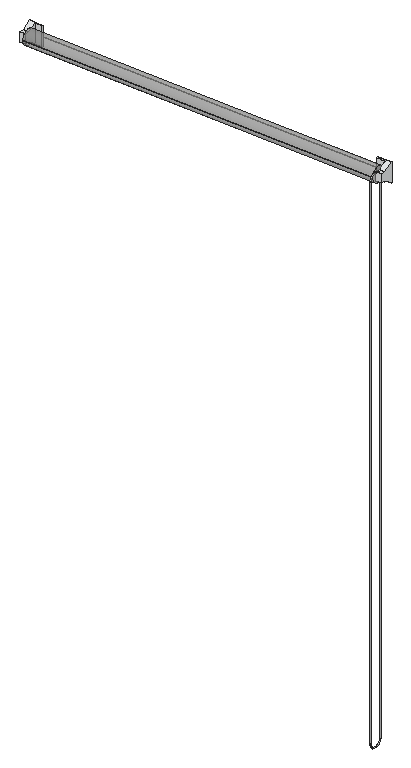
Revit family "Window_Shade-Draper_Inc.-Clutch_Flexshade", category Specialty Equipment, Revit 2012
Parameters (values of type "NOT A TYPE - LOAD TYPE CATALOG")
  Width = B1  # 0' - 3 7/16"
  URL = "http://www.DraperInc.com"
  Square Fascia = no
  Shade Material = Fabric - Draper - Green Screen Revive 5%
  Right Bead Chain [instance] = yes
  Raised [instance] = not(Lowered)  # yes
  Radius Fascia = no
  Product Page URL = "http://www.draperinc.com/WindowShades/shadeProducts.asp?detail=12"
  Product Name = "Bead Chain Clutch Operating System"  # constant formula
  Product Documentation Link = "http://www.draperinc.com/filedownload.asp?pathname=WindowShades/submittals&filename=FlexShadeCL_Sub.pdf"
  Overall Height = 6' - 0"
  Notes = "Maximum size 144” x 144”. Other sizes available. Contact Draper for details."  # constant formula
  Not BO = not(Brackets Only)  # no
  Model = "Bead Chain Clutch Operating System"  # constant formula
  Material = ""
  Manufacturer Contact = "1-800-238-7999"  # constant formula
  Manufacturer = "Draper Inc."  # constant formula
  Lowered [instance] = no
  Length = 4' - 0"
  Left Bead Chain [instance] = no
  Head Box = no
  Description = "Bead Chain Clutch Window Shade"  # constant formula
  Depth = A1  # 0' - 3 15/16"
  Case Material = Paint - Draper - White
  C Length = if(Length < 0' 6", 0' 6", Length)  # 4' - 0"
  Brackets Only = yes
  A2 = 0' - 2 1/2"
  B2 = 0' - 1 5/8"
  C2 = 0' - 0 3/4"
  A1 = 0' - 3 15/16"
  B1 = 0' - 3 7/16"
  C1 = 0' - 1 3/16"
  D1 = 0' - 0 5/8"
  E1 = 0' - 0 1/16"
Reference planes (in)
  plane 1 "Center (Front/Back)": y = 0
  plane 2 "B/ Case": z = 0
  plane 3 "Center (Left/Right)": x = 0
  plane 4 "Front": y = -3.9375
  plane 5 "Left": x = -24
  plane 6 "Right": x = 24
  plane 7 "Bottom": z = -72
  plane 8: x = -23.9375
  plane 9: x = 23.9375
  plane 10: z = -71.4775
  plane 11: x = -23.1875
  plane 12: x = 23.1875
  plane 13 "Top": z = 3.4375
  plane 14: y = -1.1875
  plane 15 "Chain": x = 23.4375
  plane 16: z = -66
  plane 17: x = -23.4375
Forms (in)
  Extrusion 1, solid, material "Fabric - Draper - Green Screen Revive 5%" <- "Shade Material", visible <- "Lowered"
    sketch origin (0, 0, 0) x (0, 1, 0) y (0, 0, 1)
      loop
        spline (-0.62504, -72) -> (-0.61311, -71.9726) -> (-0.6027, -71.93679) -> (-0.59419, -71.89386) -> (-0.58788, -71.84536) -> (-0.584, -71.79303) -> (-0.58269, -71.73875) -> (-0.584, -71.68447) -> (-0.58788, -71.63214) -> (-0.59419, -71.58364) -> (-0.6027, -71.54072) -> (-0.61311, -71.50491) -> (-0.62504, -71.4775)
        line (-0.62504, -71.4775) -> (-0.68598, -71.4775)
        spline (-0.68598, -71.4775) -> (-0.69791, -71.50491) -> (-0.70832, -71.54072) -> (-0.71683, -71.58364) -> (-0.72314, -71.63214) -> (-0.72702, -71.68447) -> (-0.72833, -71.73875) -> (-0.72702, -71.79303) -> (-0.72314, -71.84536) -> (-0.71683, -71.89386) -> (-0.70832, -71.93679) -> (-0.69791, -71.9726) -> (-0.68598, -72)
        line (-0.68598, -72) -> (-0.62504, -72)
    from -23.1875 to 23.1875
  Sweep 2, solid, material "Fabric - Draper - Green Screen Revive 5%" <- "Shade Material", visible <- "Lowered"
    path origin (0, 0, 0) x (0, 1, 0) y (0, 0, 1)
      loop
        line (-0.65551, 1.5625) -> (-0.65551, -71.4775)
    profile origin (0, -0.65551, -71.4775) x (1, 0, 0) y (0, 1, 0)
      loop
        line (-23.1875, 0.03125) -> (-23.1875, -0.03125) -> (23.1875, -0.03125) -> (23.1875, 0.03125) -> (-23.1875, 0.03125)
  Sweep 3, solid, material "Metal - Draper - Chain", visible <- "Right Bead Chain", detail levels medium+fine
    path origin (23.4375, 0, 0) x (0, -1, 0) y (0, 0, 1)
      loop
        line (2.03125, 2.36145) -> (1.90625, 2.36145)
        arc (1.90625, 2.36145) -> (1.37592, 2.14178) -> (1.15625, 1.61145) r 0.75
        line (1.15625, 1.61145) -> (1.15625, -65.25)
        arc (1.15625, -65.25) -> (1.37592, -65.78033) -> (1.90625, -66) r 0.75
        line (1.90625, -66) -> (2.03125, -66)
        arc (2.03125, -66) -> (2.56158, -65.78033) -> (2.78125, -65.25) r 0.75
        line (2.78125, -65.25) -> (2.78125, 1.61145)
        arc (2.78125, 1.61145) -> (2.56158, 2.14178) -> (2.03125, 2.36145) r 0.75
    profile origin (23.4375, -2.78125, -31.81928) x (0, 1, 0) y (-1, 0, 0)
      loop
        circle (0, 0) r 0.03125
  Sweep 4, solid, material "Metal - Draper - Chain", visible <- "Left Bead Chain", detail levels medium+fine
    path origin (-23.4375, -60, 48) x (0, -1, 0) y (0, 0, 1)
      loop
        line (-57.96875, -45.63855) -> (-58.09375, -45.63855)
        arc (-58.09375, -45.63855) -> (-58.62408, -45.85822) -> (-58.84375, -46.38855) r 0.75
        line (-58.84375, -46.38855) -> (-58.84375, -113.25)
        arc (-58.84375, -113.25) -> (-58.62408, -113.78033) -> (-58.09375, -114) r 0.75
        line (-58.09375, -114) -> (-57.96875, -114)
        arc (-57.96875, -114) -> (-57.43842, -113.78033) -> (-57.21875, -113.25) r 0.75
        line (-57.21875, -113.25) -> (-57.21875, -46.38855)
        arc (-57.21875, -46.38855) -> (-57.43842, -45.85822) -> (-57.96875, -45.63855) r 0.75
    profile origin (-23.4375, -2.78125, -31.81928) x (0, 1, 0) y (-1, 0, 0)
      loop
        circle (0, 0) r 0.03125
Lines and regions (in)
  Masking region 1, visible <- "Not BO"
    outline origin (0, 0, 0) x (1, 0, 0) y (0, 1, 0)
      loop
        line (-24, 0) -> (-24, -3.9375) -> (24, -3.9375) -> (24, 0) -> (-24, 0)
  Masking region 2, visible <- "Not BO"
    outline origin (0, 0, 0) x (1, 0, 0) y (0, 1, 0)
      loop
        line (24, -3.9375) -> (24, 0) -> (23.9375, 0) -> (23.9375, -3.9375) -> (24, -3.9375)
  Masking region 3, visible <- "Not BO"
    outline origin (-98.4375, 0, 0) x (1, 0, 0) y (0, 1, 0)
      loop
        line (74.5, -3.9375) -> (74.5, 0) -> (74.4375, 0) -> (74.4375, -3.9375) -> (74.5, -3.9375)
  Masking region 4, visible <- "Brackets Only"
    outline origin (0, 0, 0) x (1, 0, 0) y (0, 1, 0)
      loop
        line (-24, 0) -> (-24, -1.625) -> (-23.25, -1.625) -> (-23.25, -0.1875) -> (-22.25, -0.1875) -> (-22.25, 0) -> (-24, 0)
  Masking region 5, visible <- "Brackets Only"
    outline origin (0, 0, 0) x (0, 1, 0) y (-1, 0, 0)
      loop
        line (0, -24) -> (0, -22.25) -> (-0.1875, -22.25) -> (-0.1875, -23.25) -> (-1.625, -23.25) -> (-1.625, -24) -> (0, -24)
  Masking region 6, visible <- "Brackets Only"
    outline origin (0, 0, 0) x (1, 0, 0) y (0, 1, 0)
      loop
        line (23.25, -2.125) -> (23.25, -0.1875) -> (-23.25, -0.1875) -> (-23.25, -2.125) -> (23.25, -2.125)
  symbolic lines, detail levels medium+fine
    curve 1: line (23.92951, -0.06265, 0) -> (23.9375, -0.06265, 0)
    curve 2: line (23.92951, -0.06265, 0) -> (23.92951, -2.92689, 0)
    curve 3: line (23.92951, -2.92689, 0) -> (23.9375, -2.92689, 0)
    curve 6: line (24, -3.8125, 0) -> (-24, -3.8125, 0)
  symbolic lines, detail levels fine
    curve 4: circle (-23.75419, 0, 2.79999) r 0.0625 normal (0, -1, 0)
    curve 5: circle (23.75419, 0, 2.79999) r 0.0625 normal (0, 1, 0)
Dimensions and locks (in)
  plane 1 "Center (Front/Back)" to plane 4 "Front" = 0' - 3 15/16"
  "E1": plane 5 "Left" to plane 8
  "E1": plane 9 to plane 6 "Right"
  locked: plane 10 to plane 7 "Bottom" at 0.5225
  locked: plane 5 "Left" to plane 11 at 0.8125
  locked: plane 12 to plane 6 "Right" at 0.8125
  Sweep 2 sketch curve to profile plane to Sweep 2 sketch curve = 0' - 0 1/32" locked, 0' - 0 1/32" locked
  plane 13 "Top" to Sweep 2 sketch curve = 0' - 1 7/8"
  "Depth": plane 1 "Center (Front/Back)" to plane 4 "Front"
  "Overall Height": plane 7 "Bottom" to level
  equal spacing: plane 5 "Left", plane 3 "Center (Left/Right)", plane 6 "Right"
  "C Length": plane 5 "Left" to plane 6 "Right"
  locked: plane 10 to Sweep 2 sketch curve at 0
  locked: plane 1 "Center (Front/Back)" to Sweep 2 sketch curve at 0.65551
  locked: plane 13 "Top" to curve 4 at 0.63751
  locked: plane 5 "Left" to curve 4 at 0.24581
  locked: curve 5 to plane 6 "Right" at 0.24581
  locked: plane 13 "Top" to curve 5 at 0.63751
  "Width": plane 13 "Top" to plane 2 "B/ Case"
  "C1": plane 1 "Center (Front/Back)" to plane 14
  plane 1 "Center (Front/Back)" to Extrusion 1 sketch curve to Extrusion 1 sketch curve to Extrusion 1 sketch curve to Extrusion 1 sketch curve = 0' - 0.58269" locked, 0' - 0.04235" locked, 0' - 0.06093" locked, 0' - 0.04235" locked
  plane 1 "Center (Front/Back)" to Extrusion 1 sketch curve to Extrusion 1 sketch curve = 0' - 0.62504" locked, 0' - 0.06093" locked
  plane 15 "Chain" to plane 6 "Right" = 0' - 0 9/16"
  Sweep 3 sketch curve to Sweep 3 sketch curve to plane 1 "Center (Front/Back)" = 0' - 1 5/8" locked, 0' - 1 5/32" locked
  locked: plane 13 "Top" to Sweep 3 sketch curve at 1.07605
  locked: plane 13 "Top" to Sweep 3 sketch curve at 1.82605  (x2)
  locked: Sweep 3 sketch curve to plane 16 at 0.75  (x2)
  locked: plane 16 to plane 7 "Bottom" at 6
  equal spacing: plane 13 "Top", nested 1, plane 2 "B/ Case"
  locked: Masking region 4 sketch curve to plane 1 "Center (Front/Back)" at 1.625
  plane 5 "Left" to Masking region 4 sketch curve = 0' - 0 3/4"
  locked: plane 5 "Left" to Masking region 4 sketch curve at 1.75
  locked: Masking region 4 sketch curve to plane 1 "Center (Front/Back)" at 0.1875
  locked: Masking region 5 sketch curve to plane 1 "Center (Front/Back)" at 1.625
  locked: Masking region 5 sketch curve to plane 6 "Right" at 1.75
  locked: Masking region 5 sketch curve to plane 6 "Right" at 0.75
  Masking region 6 sketch curve to Masking region 6 sketch curve to plane 1 "Center (Front/Back)" = 0' - 1 15/16" locked, 0' - 0 3/16" locked
  locked: plane 5 "Left" to Masking region 6 sketch curve at 0.75
  locked: Masking region 6 sketch curve to plane 6 "Right" at 0.75
  locked: plane 5 "Left" to plane 17 at 0.5625
  Sweep 4 sketch curve to Sweep 4 sketch curve to plane 1 "Center (Front/Back)" = 0' - 1 5/8" locked, 0' - 1 5/32" locked
  locked: plane 13 "Top" to Sweep 4 sketch curve at 1.07605
  locked: plane 13 "Top" to Sweep 4 sketch curve at 1.82605  (x2)
  locked: Sweep 4 sketch curve to plane 16 at 0.75  (x2)
  aligned and locked: level to plane 2 "B/ Case"
  aligned and locked: plane 11 to Sweep 2 sketch curve
  aligned and locked: Sweep 2 sketch curve to plane 12
  aligned and locked: plane 4 "Front" to Masking region 2 sketch curve
  aligned and locked: plane 1 "Center (Front/Back)" to Masking region 3 sketch curve
  aligned and locked: plane 8 to Masking region 3 sketch curve
  aligned and locked: Masking region 3 sketch curve to plane 5 "Left"
  aligned and locked: plane 4 "Front" to Masking region 3 sketch curve
  aligned and locked: plane 9 to curve 1
  aligned and locked: plane 9 to curve 3
  aligned and locked: Extrusion 1 sketch curve to plane 7 "Bottom"
  aligned and locked: Extrusion 1 sketch curve to plane 10
  aligned and locked: plane 11 to Extrusion 1
  aligned and locked: Extrusion 1 to plane 12
  aligned and locked: plane 1 "Center (Front/Back)" to Masking region 1 sketch curve
  aligned and locked: Masking region 1 sketch curve to plane 5 "Left"
  aligned and locked: Masking region 1 sketch curve to plane 4 "Front"
  aligned and locked: Masking region 1 sketch curve to plane 6 "Right"
  aligned and locked: plane 6 "Right" to curve 6
  aligned and locked: plane 5 "Left" to curve 6
  aligned and locked: plane 16 to Sweep 3 sketch curve
  aligned and locked: Sweep 3 sketch curve to plane 15 "Chain"  (x3)
  aligned and locked: Sweep 3 sketch curve to Sweep 3 sketch curve  (x3)
  aligned and locked: plane 3 "Center (Left/Right)" to nested 1
  aligned and locked: plane 3 "Center (Left/Right)" to nested 2
  aligned and locked: plane 3 "Center (Left/Right)" to nested 3
  aligned and locked: plane 3 "Center (Left/Right)" to nested 4
  aligned and locked: plane 13 "Top" to nested 4
  aligned and locked: plane 13 "Top" to nested 2
  aligned and locked: plane 13 "Top" to nested 3
  aligned and locked: plane 1 "Center (Front/Back)" to nested 3
  aligned and locked: plane 1 "Center (Front/Back)" to nested 2
  aligned and locked: plane 1 "Center (Front/Back)" to nested 1
  aligned and locked: plane 1 "Center (Front/Back)" to nested 4
  aligned and locked: Masking region 4 sketch curve to nested 1  (x2)
  aligned and locked: Masking region 5 sketch curve to plane 6 "Right"
  aligned and locked: Masking region 5 sketch curve to plane 1 "Center (Front/Back)"
  aligned and locked: Sweep 4 sketch curve to Sweep 4 sketch curve  (x3)
  aligned and locked: Sweep 4 sketch curve to plane 16
Automatic sketch dimensions
  curve 2 to curve 1 = 0' - 0.00799"
  plane 4 "Front" to curve 6 = 0' - 0 1/8"
  curve 6 to curve 2 = 0' - 0.88561"
  plane 1 "Center (Front/Back)" to curve 2 = 0' - 0.06265"
  Extrusion 1 sketch curve to Extrusion 1 sketch curve = 0' - 0.03047"
  Extrusion 1 sketch curve to Extrusion 1 sketch curve = 0' - 0"
  Masking region 2 sketch curve to plane 9 = 0' - 0"
  plane 1 "Center (Front/Back)" to Masking region 2 sketch curve = 0' - 0"
  Masking region 2 sketch curve to plane 6 "Right" = 0' - 0"
  Sweep 3 sketch curve to plane 15 "Chain" = 0' - 0"
  profile plane to Sweep 3 sketch curve = 0' - 0"
  Masking region 5 sketch curve to Masking region 5 sketch curve = 0' - 0 3/16"
  Sweep 4 sketch curve to profile plane = 0' - 0"  (x2)
  radius of curve 4 = 0' - 0 1/16"
  radius of curve 5 = 0' - 0 1/16"
  radius of Sweep 3 sketch curve = 0' - 0 1/32"
  radius of Sweep 4 sketch curve = 0' - 0 1/32"
Nested families (in)
  nested 1: "Brackets Only - Clutch" at (0, 0, -0.59375), visible <- "Brackets Only", type "Large"
    with Raised yes
  nested 2: "Square Fascia - Clutch" at (0, 0, 0), visible <- "Square Fascia", type "Large"
    with Raised yes
  nested 3: "Radius Fascia - Clutch" at (0, 0, 0), visible <- "Radius Fascia", type "Large"
    with Raised yes
  nested 4: "Head Box - Clutch" at (0, 0, 0), visible <- "Head Box", type "Large"
    with Raised yes, Lowered no
Definition of nested family "Brackets Only - Clutch"
  Parameters (values of type "Large")
    URL = "http://www.DraperInc.com"
    Shade Material = Fabric - Draper - Green Screen Revive 5%
    Raised [instance] = yes
    Product Page URL = ""
    Product Name = ""
    Product Documentation Link = ""
    Model = ""
    Manufacturer Contact = "1-800-238-7999"  # constant formula
    Manufacturer = "Draper Inc."  # constant formula
    Length = 4' - 0"
    Fascia Material = Paint - Draper - White
    Description = ""
    CB2 = if(B2 < 0' 1 5/8", 0' 1 5/8", if(B2 > 0' 2 1/4", 0' 2 1/4", B2))  # 0' - 1 5/8"
    CA2 = if(A2 < 0' 2 1/2", 0' 2 1/2", if(A2 > 0' 3 1/4", 0' 3 1/4", A2))  # 0' - 2 1/2"
    A2 = 0' - 2 1/2"
    B2 = 0' - 1 5/8"
    C2 = 0' - 0 3/4"  # constant formula
  Reference planes (in)
    plane 1 "Center (Front/Back)": y = 0
    plane 2: z = 0
    plane 3 "Center (Left/Right)": x = 0
    plane 4 "Front": y = -4.6875
    plane 5: x = -24
    plane 6: x = 24
    plane 7 "Top": z = 4.625
    plane 8: y = -1.625
    plane 9: z = 2.3125
    plane 10: z = 3.5625
    plane 11: z = 1.0625
    plane 12: x = 23.25
    plane 13: x = -23.25
  Forms (in)
    Extrusion 1, solid, material "Paint - Draper - White" <- "Fascia Material"
      sketch origin (0, 0, 0) x (0, 1, 0) y (0, 0, 1)
        loop
          line (0, 3.5625) -> (-1.0625, 2.875) -> (-1.625, 2.875) -> (-1.625, 1.75) -> (-1.0625, 1.75) -> (0, 1.0625) -> (0, 3.5625)
      from -24 to -23.25
    Extrusion 2, solid, material "Paint - Draper - White" <- "Fascia Material"
      sketch origin (0, 0, 0) x (0, 1, 0) y (0, 0, 1)
        loop
          line (0, 3.5625) -> (-1.0625, 2.875) -> (-1.625, 2.875) -> (-1.625, 1.75) -> (-1.0625, 1.75) -> (0, 1.0625) -> (0, 3.5625)
      from 23.25 to 24
    Extrusion 3, solid, material "Fabric - Draper - Green Screen Revive 5%" <- "Shade Material"
      sketch origin (0, 0, 0) x (0, 1, 0) y (0, 0, 1)
        loop
          circle (-1.125, 2.3125) r 1
      from -23.25 to 23.25
    Extrusion 4, solid, material "Paint - Draper - White" <- "Fascia Material"
      sketch origin (0, 0, 0) x (1, 0, 0) y (0, 1, 0)
        loop
          line (-23.25, 0) -> (-23.25, -0.1875) -> (-22.25, -0.1875) -> (-22.25, 0) -> (-23.25, 0)
      from 1.0625 to 3.5625
    Extrusion 5, solid, material "Paint - Draper - White" <- "Fascia Material"
      sketch origin (4.5, 0, 0) x (1, 0, 0) y (0, 1, 0)
        loop
          line (17.75, 0) -> (17.75, -0.1875) -> (18.75, -0.1875) -> (18.75, 0) -> (17.75, 0)
      from 1.0625 to 3.5625
  Lines and regions (in)
    symbolic lines, detail levels medium+fine
      curve 1: line (24.71076, -0.06265, 0) -> (24.71875, -0.06265, 0)
      curve 2: line (24.71076, -3.67689, 0) -> (24.71875, -3.67689, 0)
  Dimensions and locks (in)
    plane 1 "Center (Front/Back)" to plane 4 "Front" = 0' - 4 11/16"  (x2)
    plane 7 "Top" to plane 2 = 0' - 4 5/8"
    equal spacing: plane 7 "Top", plane 9, plane 2
    equal spacing: plane 10, plane 9, plane 11
    "CA2": plane 10 to plane 11
    "CB2": plane 1 "Center (Front/Back)" to plane 8
    equal spacing: Extrusion 1 sketch curve, plane 9, Extrusion 1 sketch curve
    locked: plane 10 to Extrusion 1 sketch curve at 0
    locked: plane 11 to Extrusion 1 sketch curve at 0
    "C2": plane 5 to plane 13
    "C2": plane 12 to plane 6
    Extrusion 2 sketch curve to Extrusion 2 sketch curve = 0' - 1 1/8"
    locked: Extrusion 3 sketch curve to plane 8 at 0.5
    locked: plane 9 to Extrusion 3 sketch curve at 0
    Extrusion 3 sketch curve to plane 9 = 0' - 1"
    locked: plane 13 to Extrusion 4 sketch curve at 1
    Extrusion 4 sketch curve to plane 1 "Center (Front/Back)" = 0' - 0 3/16"
    locked: Extrusion 5 to plane 12 at 1
    locked: Extrusion 5 to plane 1 "Center (Front/Back)" at 0.1875
    equal spacing: plane 5, plane 3 "Center (Left/Right)", plane 6
    "Length": plane 5 to plane 6
    aligned and locked: level to plane 2
    aligned and locked: plane 1 "Center (Front/Back)" to Extrusion 1 sketch curve
    aligned and locked: plane 5 to Extrusion 1
    aligned and locked: Extrusion 1 to plane 13
    aligned and locked: Extrusion 2 to plane 6
    aligned and locked: plane 12 to Extrusion 2
    aligned and locked: Extrusion 3 to plane 12
    aligned and locked: plane 13 to Extrusion 3
    aligned and locked: plane 1 "Center (Front/Back)" to Extrusion 4 sketch curve
    aligned and locked: plane 10 to Extrusion 4
    aligned and locked: Extrusion 4 to plane 11
    aligned and locked: Extrusion 5 to plane 12
    aligned and locked: plane 10 to Extrusion 5
    aligned and locked: Extrusion 5 to plane 11
  Automatic sketch dimensions
    Extrusion 1 sketch curve to plane 8 = 0' - 0"
    plane 1 "Center (Front/Back)" to Extrusion 1 sketch curve = 0' - 1 1/16"  (x2)
    Extrusion 1 sketch curve to plane 9 = 0' - 0 9/16"
    Extrusion 2 sketch curve to plane 8 = 0' - 0"
    Extrusion 2 sketch curve to plane 1 "Center (Front/Back)" = 0' - 0"
    Extrusion 2 sketch curve to plane 11 = 0' - 0"
    Extrusion 2 sketch curve to plane 10 = 0' - 0"
    plane 1 "Center (Front/Back)" to Extrusion 2 sketch curve = 0' - 1 1/16"  (x2)
    Extrusion 2 sketch curve to plane 9 = 0' - 0 9/16"
    plane 9 to Extrusion 2 sketch curve = 0' - 0 9/16"
    Extrusion 4 sketch curve to plane 13 = 0' - 0"
    plane 1 "Center (Front/Back)" to Extrusion 5 sketch curve = 0' - 0"
    plane 1 "Center (Front/Back)" to Extrusion 5 sketch curve = 0' - 0 3/16"
    Extrusion 5 sketch curve to plane 13 = 3' - 9 1/2"
    Extrusion 5 sketch curve to Extrusion 5 sketch curve = 0' - 1"
    curve 2 to curve 2 = 0' - 0.00799"
    curve 1 to curve 1 = 0' - 0.00799"
    plane 4 "Front" to curve 2 = 0' - 1.01061"
    plane 1 "Center (Front/Back)" to curve 1 = 0' - 0.06265"
    curve 2 to plane 6 = 0' - 0.71076"
    curve 1 to plane 6 = 0' - 0.71076"
Definition of nested family "Square Fascia - Clutch"
  Parameters (values of type "Large")
    Width = B1  # 0' - 3 7/16"
    URL = "http://www.DraperInc.com"
    Shade Material = Fabric - Draper - Green Screen Revive 5%
    Raised [instance] = yes
    Product Page URL = ""
    Product Name = ""
    Product Documentation Link = ""
    Model = ""
    Manufacturer Contact = "1-800-238-7999"  # constant formula
    Manufacturer = "Draper Inc."  # constant formula
    Length = 4' - 0"
    Fascia Material = Paint - Draper - White
    Description = ""
    Depth = A1  # 0' - 3 15/16"
    A1 = 0' - 3 15/16"
    B1 = 0' - 3 7/16"
    C1 = 0' - 1 3/16"
    D1 = 0' - 0 5/8"
    E1 = 0' - 0 1/16"
  Reference planes (in)
    plane 1 "Center (Front/Back)": y = 0
    plane 2: z = 0
    plane 3 "Center (Left/Right)": x = 0
    plane 4 "Front": y = -3.9375
    plane 5 "Left": x = -24
    plane 6 "Right": x = 24
    plane 7: x = -23.9375
    plane 8: x = 23.9375
    plane 9: x = -23.1875
    plane 10: x = 23.1875
    plane 11 "Top": z = 3.4375
    plane 12: y = -1.1875
  Forms (in)
    Extrusion 1, solid, material "Paint - Draper - White" <- "Fascia Material"
      sketch origin (0, 0, 0) x (0, 1, 0) y (0, 0, 1)
        loop
          line (-3.8125, 3.4375) -> (-3.9375, 3.4375) -> (-3.9375, 0) -> (-1.40928, 0) -> (-1.40928, 0.125) -> (-3.8125, 0.125) -> (-3.8125, 3.4375)
      from -23.9375 to 23.92951
    Extrusion 2, solid, material "Paint - Draper - White" <- "Fascia Material"
      sketch origin (0, 0, 0) x (0, 1, 0) y (0, 0, 1)
        loop
          line (-3.9375, 3.4375) -> (-3.9375, 0) -> (0, 0) -> (0, 3.4375) -> (-3.9375, 3.4375)
      from 23.9375 to 24
    Extrusion 3, solid, material "Paint - Draper - White" <- "Fascia Material"
      sketch origin (0, 0, 0) x (0, 1, 0) y (0, 0, 1)
        loop
          line (0, 3.4375) -> (-3.9375, 3.4375) -> (-3.9375, 0) -> (0, 0) -> (0, 3.4375)
      from -24 to -23.9375
    Extrusion 4, solid
      sketch origin (0, 0, 0) x (0, 1, 0) y (0, 0, 1)
        loop
          circle (-1.75, 1.71875) r 1.5
      from -23.1875 to 23.1875
  Lines and regions (in)
    Masking region 1
      outline origin (0, 0, 0) x (1, 0, 0) y (0, 1, 0)
        loop
          line (-24, 0) -> (-24, -3.9375) -> (24, -3.9375) -> (24, 0) -> (-24, 0)
    Masking region 2
      outline origin (0, 0, 0) x (1, 0, 0) y (0, 1, 0)
        loop
          line (24, -3.9375) -> (24, 0) -> (23.9375, 0) -> (23.9375, -3.9375) -> (24, -3.9375)
    Masking region 3
      outline origin (-98.4375, 0, 0) x (1, 0, 0) y (0, 1, 0)
        loop
          line (74.5, -3.9375) -> (74.5, 0) -> (74.4375, 0) -> (74.4375, -3.9375) -> (74.5, -3.9375)
    Masking region 4
      outline origin (0, 0, 0) x (0, 1, 0) y (0, 0, 1)
        loop
          line (0, 3.4375) -> (-3.9375, 3.4375) -> (-3.9375, 0) -> (0, 0) -> (0, 3.4375)
    symbolic lines, detail levels medium+fine
      curve 1: line (23.92951, -0.06265, 0) -> (23.9375, -0.06265, 0)
      curve 2: line (23.92951, -0.06265, 0) -> (23.92951, -2.92689, 0)
      curve 3: line (23.92951, -2.92689, 0) -> (23.9375, -2.92689, 0)
      curve 6: line (24, -3.8125, 0) -> (-24, -3.8125, 0)
    symbolic lines, detail levels fine
      curve 4: circle (-23.75419, 0, 2.79999) r 0.0625 normal (0, -1, 0)
      curve 5: circle (23.75419, 0, 2.79999) r 0.0625 normal (0, 1, 0)
      curve 7: line (-23.9375, -0.49703, 0) -> (23.1875, -0.49703, 0)
      curve 8: line (-23.9375, -1.40928, 0) -> (-23.9375, -0.49703, 0)
      curve 9: line (23.1875, -1.40928, 0) -> (-23.9375, -1.40928, 0)
      curve 10: line (23.1875, -0.49703, 0) -> (23.1875, -1.40928, 0)
  Dimensions and locks (in)
    plane 1 "Center (Front/Back)" to plane 4 "Front" = 0' - 3 15/16"
    "E1": plane 5 "Left" to plane 7
    "E1": plane 8 to plane 6 "Right"
    locked: plane 5 "Left" to plane 9 at 0.8125
    locked: plane 10 to plane 6 "Right" at 0.8125
    "Depth": plane 1 "Center (Front/Back)" to plane 4 "Front"
    equal spacing: plane 5 "Left", plane 3 "Center (Left/Right)", plane 6 "Right"
    "Length": plane 5 "Left" to plane 6 "Right"
    plane 5 "Left" to Extrusion 1 = 0' - 0 1/16"
    locked: Extrusion 1 to plane 6 "Right" at 0.07049
    locked: plane 11 "Top" to curve 4 at 0.63751
    locked: plane 5 "Left" to curve 4 at 0.24581
    locked: curve 5 to plane 6 "Right" at 0.24581
    locked: plane 11 "Top" to curve 5 at 0.63751
    "Width": plane 11 "Top" to plane 2
    locked: Extrusion 1 sketch curve to plane 4 "Front" at 0.125
    locked: Extrusion 1 sketch curve to plane 2 at 0.125
    "C1": plane 1 "Center (Front/Back)" to plane 12
    locked: Extrusion 1 to plane 4 "Front" at 0.125
    equal spacing: plane 11 "Top", Extrusion 4 sketch curve, plane 2
    plane 1 "Center (Front/Back)" to Extrusion 4 sketch curve = 0' - 1 3/4"
    aligned and locked: level to plane 2
    aligned and locked: Extrusion 2 to plane 6 "Right"
    aligned and locked: plane 8 to Extrusion 2
    aligned and locked: plane 5 "Left" to Extrusion 3
    aligned and locked: Extrusion 3 to plane 7
    aligned and locked: Masking region 2 sketch curve to Extrusion 2  (x2)
    aligned and locked: plane 4 "Front" to Masking region 2 sketch curve
    aligned and locked: plane 1 "Center (Front/Back)" to Masking region 3 sketch curve
    aligned and locked: plane 7 to Masking region 3 sketch curve
    aligned and locked: Masking region 3 sketch curve to plane 5 "Left"
    aligned and locked: plane 4 "Front" to Masking region 3 sketch curve
    aligned and locked: plane 8 to curve 1
    aligned and locked: plane 8 to curve 3
    aligned and locked: plane 11 "Top" to Extrusion 3 sketch curve
    aligned and locked: Extrusion 3 sketch curve to plane 1 "Center (Front/Back)"
    aligned and locked: Extrusion 3 sketch curve to level
    aligned and locked: Extrusion 3 sketch curve to plane 4 "Front"
    aligned and locked: Extrusion 2 to Extrusion 1 sketch curve
    aligned and locked: Extrusion 1 sketch curve to Extrusion 2  (x2)
    aligned and locked: plane 7 to Extrusion 1
    aligned and locked: plane 1 "Center (Front/Back)" to Masking region 1 sketch curve
    aligned and locked: Masking region 1 sketch curve to plane 5 "Left"
    aligned and locked: Masking region 1 sketch curve to plane 4 "Front"
    aligned and locked: Masking region 1 sketch curve to plane 6 "Right"
    aligned and locked: plane 6 "Right" to curve 6
    aligned and locked: plane 5 "Left" to curve 6
    aligned and locked: Masking region 4 sketch curve to Extrusion 1  (x2)
    aligned and locked: Masking region 4 sketch curve to Extrusion 2
    aligned and locked: curve 8 to plane 7
    aligned and locked: plane 10 to curve 10
    aligned and locked: Extrusion 1 to curve 9
    aligned and locked: plane 9 to Extrusion 4
    aligned and locked: Extrusion 4 to plane 10
  Automatic sketch dimensions
    plane 1 "Center (Front/Back)" to Masking region 2 sketch curve = 0' - 0"
    Extrusion 2 sketch curve to level = 0' - 0"
    Extrusion 2 sketch curve to plane 4 "Front" = 0' - 0"
    Extrusion 2 sketch curve to plane 1 "Center (Front/Back)" = 0' - 0"
    Extrusion 2 sketch curve to plane 11 "Top" = 0' - 0"
    plane 1 "Center (Front/Back)" to Extrusion 1 sketch curve = 0' - 1.40928"
    curve 2 to curve 1 = 0' - 0.00799"
    plane 4 "Front" to curve 6 = 0' - 0 1/8"
    curve 6 to curve 2 = 0' - 0.88561"
    plane 1 "Center (Front/Back)" to curve 1 = 0' - 0.06265"
    plane 1 "Center (Front/Back)" to curve 10 = 0' - 0.49703"
    Masking region 4 sketch curve to plane 1 "Center (Front/Back)" = 0' - 0"
    radius of curve 4 = 0' - 0 1/16"
    radius of curve 5 = 0' - 0 1/16"
    radius of Extrusion 4 sketch curve = 0' - 1 1/2"
Definition of nested family "Radius Fascia - Clutch"
  Parameters (values of type "Large")
    Width = B1  # 0' - 3 7/16"
    URL = "http://www.DraperInc.com"
    Shade Material = Fabric - Draper - Green Screen Revive 5%
    Raised [instance] = yes
    Product Page URL = ""
    Product Name = ""
    Product Documentation Link = ""
    Model = ""
    Manufacturer Contact = "1-800-238-7999"  # constant formula
    Manufacturer = "Draper Inc."  # constant formula
    Length = 4' - 0"
    Fascia Material = Paint - Draper - White
    Description = ""
    Depth = A1  # 0' - 3 15/16"
    A1 = 0' - 3 15/16"
    B1 = 0' - 3 7/16"
    C1 = 0' - 1 3/16"
    D1 = 0' - 0 5/8"
    E1 = 0' - 0 1/16"
  Reference planes (in)
    plane 1 "Center (Front/Back)": y = 0
    plane 2: z = 0
    plane 3 "Center (Left/Right)": x = 0
    plane 4 "Front": y = -3.9375
    plane 5 "Left": x = -24
    plane 6 "Right": x = 24
    plane 7: x = -23.9375
    plane 8: x = 23.9375
    plane 9: x = -23.1875
    plane 10: x = 23.1875
    plane 11 "Top": z = 3.4375
    plane 12: y = -1.1875
  Forms (in)
    Extrusion 1, solid, material "Paint - Draper - White" <- "Fascia Material"
      sketch origin (0, 0, 0) x (0, 1, 0) y (0, 0, 1)
        loop
          line (-3.8125, 3.4375) -> (-3.9375, 3.4375) -> (-3.9375, 2)
          arc (-3.9375, 2) -> (-3.35171, 0.58579) -> (-1.9375, 0) r 2
          line (-1.9375, 0) -> (-1.03428, 0) -> (-1.03428, 0.125) -> (-1.94339, 0.125)
          arc (-1.94339, 0.125) -> (-3.26505, 0.67245) -> (-3.8125, 1.99411) r 1.86911
          line (-3.8125, 1.99411) -> (-3.8125, 3.4375)
      from -23.9375 to 23.92951
    Extrusion 2, solid, material "Paint - Draper - White" <- "Fascia Material"
      sketch origin (0, 0, 0) x (0, 1, 0) y (0, 0, 1)
        loop
          line (-3.9375, 3.4375) -> (-3.9375, 2)
          arc (-3.9375, 2) -> (-3.35171, 0.58579) -> (-1.9375, 0) r 2
          line (-1.9375, 0) -> (0, 0) -> (0, 3.4375) -> (-3.9375, 3.4375)
      from 23.9375 to 24
    Extrusion 3, solid, material "Paint - Draper - White" <- "Fascia Material"
      sketch origin (0, 0, 0) x (0, 1, 0) y (0, 0, 1)
        loop
          line (0, 3.4375) -> (-3.9375, 3.4375) -> (-3.9375, 2)
          arc (-3.9375, 2) -> (-3.35171, 0.58579) -> (-1.9375, 0) r 2
          line (-1.9375, 0) -> (0, 0) -> (0, 3.4375)
      from -24 to -23.9375
    Extrusion 4, solid, material "Fabric - Draper - Green Screen Revive 5%" <- "Shade Material"
      sketch origin (0, 0, 0) x (0, 1, 0) y (0, 0, 1)
        loop
          circle (-1.75, 1.71875) r 1.5
      from -23.1875 to 23.1875
  Lines and regions (in)
    Masking region 1
      outline origin (0, 0, 0) x (1, 0, 0) y (0, 1, 0)
        loop
          line (-24, 0) -> (-24, -3.9375) -> (24, -3.9375) -> (24, 0) -> (-24, 0)
    Masking region 2
      outline origin (0, 0, 0) x (1, 0, 0) y (0, 1, 0)
        loop
          line (24, -3.9375) -> (24, 0) -> (23.9375, 0) -> (23.9375, -3.9375) -> (24, -3.9375)
    Masking region 3
      outline origin (-98.4375, 0, 0) x (1, 0, 0) y (0, 1, 0)
        loop
          line (74.5, -3.9375) -> (74.5, 0) -> (74.4375, 0) -> (74.4375, -3.9375) -> (74.5, -3.9375)
    Masking region 4
      outline origin (0, 0, 0) x (0, 1, 0) y (0, 0, 1)
        loop
          line (0, 3.4375) -> (-3.9375, 3.4375) -> (-3.9375, 2)
          arc (-3.9375, 2) -> (-3.35171, 0.58579) -> (-1.9375, 0) r 2
          line (-1.9375, 0) -> (0, 0) -> (0, 3.4375)
    symbolic lines, detail levels medium+fine
      curve 1: line (23.92951, -0.06265, 0) -> (23.9375, -0.06265, 0)
      curve 2: line (23.92951, -0.06265, 0) -> (23.92951, -2.92689, 0)
      curve 3: line (23.92951, -2.92689, 0) -> (23.9375, -2.92689, 0)
      curve 6: line (24, -3.8125, 0) -> (-24, -3.8125, 0)
    symbolic lines, detail levels fine
      curve 4: circle (-23.75419, 0, 2.79999) r 0.0625 normal (0, -1, 0)
      curve 5: circle (23.75419, 0, 2.79999) r 0.0625 normal (0, 1, 0)
      curve 7: line (-23.9375, -0.49703, 0) -> (23.1875, -0.49703, 0)
      curve 8: line (-23.9375, -1.03428, 0) -> (-23.9375, -0.49703, 0)
      curve 9: line (23.1875, -1.03428, 0) -> (-23.9375, -1.03428, 0)
      curve 10: line (23.1875, -0.49703, 0) -> (23.1875, -1.03428, 0)
  Dimensions and locks (in)
    plane 1 "Center (Front/Back)" to plane 4 "Front" = 0' - 3 15/16"
    "E1": plane 5 "Left" to plane 7
    "E1": plane 8 to plane 6 "Right"
    locked: plane 5 "Left" to plane 9 at 0.8125
    locked: plane 10 to plane 6 "Right" at 0.8125
    "Depth": plane 1 "Center (Front/Back)" to plane 4 "Front"
    equal spacing: plane 5 "Left", plane 3 "Center (Left/Right)", plane 6 "Right"
    "Length": plane 5 "Left" to plane 6 "Right"
    plane 5 "Left" to Extrusion 1 = 0' - 0 1/16"
    locked: Extrusion 1 to plane 6 "Right" at 0.07049
    locked: plane 11 "Top" to curve 4 at 0.63751
    locked: plane 5 "Left" to curve 4 at 0.24581
    locked: curve 5 to plane 6 "Right" at 0.24581
    locked: plane 11 "Top" to curve 5 at 0.63751
    "Width": plane 11 "Top" to plane 2
    locked: Extrusion 1 sketch curve to plane 4 "Front" at 0.125
    locked: Extrusion 1 sketch curve to plane 2 at 0.125
    "C1": plane 1 "Center (Front/Back)" to plane 12
    locked: Extrusion 1 to plane 4 "Front" at 0.125
    locked: Extrusion 1 sketch curve to plane 2 at 2
    locked: Extrusion 1 sketch curve to level at 1.99411
    locked: Extrusion 1 sketch curve to plane 4 "Front" at 2
    locked: Extrusion 1 sketch curve to plane 4 "Front" at 1.99411
    locked: Masking region 4 sketch curve to plane 4 "Front" at 2
    locked: Masking region 4 sketch curve to level at 2
    locked: Extrusion 3 sketch curve to plane 2 at 2
    locked: Extrusion 3 sketch curve to plane 4 "Front" at 2
    locked: Extrusion 2 sketch curve to plane 4 "Front" at 2
    locked: Extrusion 2 sketch curve to plane 2 at 2
    locked: plane 1 "Center (Front/Back)" to Extrusion 4 sketch curve at 1.75
    equal spacing: plane 11 "Top", Extrusion 4 sketch curve, plane 2
    aligned and locked: level to plane 2
    aligned and locked: Extrusion 2 to plane 6 "Right"
    aligned and locked: plane 8 to Extrusion 2
    aligned and locked: plane 5 "Left" to Extrusion 3
    aligned and locked: Extrusion 3 to plane 7
    aligned and locked: Masking region 2 sketch curve to Extrusion 2  (x2)
    aligned and locked: plane 4 "Front" to Masking region 2 sketch curve
    aligned and locked: plane 1 "Center (Front/Back)" to Masking region 3 sketch curve
    aligned and locked: plane 7 to Masking region 3 sketch curve
    aligned and locked: Masking region 3 sketch curve to plane 5 "Left"
    aligned and locked: plane 4 "Front" to Masking region 3 sketch curve
    aligned and locked: plane 8 to curve 1
    aligned and locked: plane 8 to curve 3
    aligned and locked: plane 11 "Top" to Extrusion 3 sketch curve
    aligned and locked: Extrusion 3 sketch curve to plane 1 "Center (Front/Back)"
    aligned and locked: Extrusion 3 sketch curve to level
    aligned and locked: Extrusion 3 sketch curve to plane 4 "Front"
    aligned and locked: Extrusion 2 to Extrusion 1 sketch curve  (x2)
    aligned and locked: Extrusion 1 sketch curve to Extrusion 2
    aligned and locked: plane 7 to Extrusion 1
    aligned and locked: plane 1 "Center (Front/Back)" to Masking region 1 sketch curve
    aligned and locked: Masking region 1 sketch curve to plane 5 "Left"
    aligned and locked: Masking region 1 sketch curve to plane 4 "Front"
    aligned and locked: Masking region 1 sketch curve to plane 6 "Right"
    aligned and locked: plane 6 "Right" to curve 6
    aligned and locked: plane 5 "Left" to curve 6
    aligned and locked: Masking region 4 sketch curve to Extrusion 1  (x2)
    aligned and locked: Extrusion 2 to Masking region 4 sketch curve
    aligned and locked: curve 8 to plane 7
    aligned and locked: plane 10 to curve 10
    aligned and locked: Extrusion 1 to curve 9
    aligned and locked: plane 9 to Extrusion 4
    aligned and locked: Extrusion 4 to plane 10
  Automatic sketch dimensions
    plane 1 "Center (Front/Back)" to Masking region 2 sketch curve = 0' - 0"
    curve 2 to curve 1 = 0' - 0.00799"
    plane 4 "Front" to curve 3 = 0' - 1.01061"
    plane 4 "Front" to curve 6 = 0' - 0 1/8"
    plane 1 "Center (Front/Back)" to curve 10 = 0' - 0.49703"
    plane 1 "Center (Front/Back)" to curve 1 = 0' - 0.06265"
    Masking region 4 sketch curve to plane 1 "Center (Front/Back)" = 0' - 0"
    plane 12 to Extrusion 1 sketch curve = 0' - 0.15322"
    Extrusion 2 sketch curve to plane 4 "Front" = 0' - 0"
    Extrusion 2 sketch curve to plane 1 "Center (Front/Back)" = 0' - 0"
    Extrusion 2 sketch curve to plane 11 "Top" = 0' - 0"
    radius of curve 4 = 0' - 0 1/16"
    radius of curve 5 = 0' - 0 1/16"
    radius of Extrusion 4 sketch curve = 0' - 1 1/2"
Definition of nested family "Head Box - Clutch"
  Parameters (values of type "Large")
    Width = B1  # 0' - 3 7/16"
    URL = "http://www.DraperInc.com"
    Raised [instance] = not(Lowered)  # yes
    Product Page URL = ""
    Product Name = ""
    Product Documentation Link = ""
    Model = ""
    Manufacturer Contact = "1-800-238-7999"  # constant formula
    Manufacturer = "Draper Inc."  # constant formula
    Overall Height = 5' - 9 1/2"
    Lowered [instance] = no
    Length = 4' - 0"
    Fascia Material = Paint - Draper - White
    Description = ""
    Depth = A1  # 0' - 3 15/16"
    A1 = 0' - 3 15/16"
    B1 = 0' - 3 7/16"
    C1 = 0' - 1 3/16"
    D1 = 0' - 0 5/8"
    E1 = 0' - 0 1/16"
  Reference planes (in)
    plane 1 "Center (Front/Back)": y = 0
    plane 2: z = 0
    plane 3 "Center (Left/Right)": x = 0
    plane 4 "Front": y = -3.9375
    plane 5 "Left": x = -24
    plane 6 "Right": x = 24
    plane 7: x = -23.9375
    plane 8: x = 23.9375
    plane 9: x = -23.1875
    plane 10: x = 23.1875
    plane 11 "Top": z = 3.4375
    plane 12: y = -1.1875
  Forms (in)
    Extrusion 1, solid, material "Paint - Draper - White" <- "Fascia Material"
      sketch origin (0, 0, 0) x (0, 1, 0) y (0, 0, 1)
        loop
          line (0, 3.4375) -> (-3.9375, 3.4375) -> (-3.9375, 0) -> (-1.40928, 0) -> (-1.40928, 0.125) -> (-3.8125, 0.125) -> (-3.8125, 3.3125) -> (-0.125, 3.3125) -> (-0.125, 0.125) -> (-0.49703, 0.125) -> (-0.49703, 0) -> (0, 0) -> (0, 3.4375)
      from -23.9375 to 23.92951
    Extrusion 2, solid, material "Paint - Draper - White" <- "Fascia Material"
      sketch origin (0, 0, 0) x (0, 1, 0) y (0, 0, 1)
        loop
          line (-3.9375, 3.4375) -> (-3.9375, 0) -> (0, 0) -> (0, 3.4375) -> (-3.9375, 3.4375)
      from 23.9375 to 24
    Extrusion 3, solid, material "Paint - Draper - White" <- "Fascia Material"
      sketch origin (0, 0, 0) x (0, 1, 0) y (0, 0, 1)
        loop
          line (0, 3.4375) -> (-3.9375, 3.4375) -> (-3.9375, 0) -> (0, 0) -> (0, 3.4375)
      from -24 to -23.9375
  Lines and regions (in)
    Masking region 1
      outline origin (0, 0, 0) x (1, 0, 0) y (0, 1, 0)
        loop
          line (-24, 0) -> (-24, -3.9375) -> (24, -3.9375) -> (24, 0) -> (-24, 0)
    Masking region 2
      outline origin (0, 0, 0) x (1, 0, 0) y (0, 1, 0)
        loop
          line (24, -3.9375) -> (24, 0) -> (23.9375, 0) -> (23.9375, -3.9375) -> (24, -3.9375)
    Masking region 3
      outline origin (-98.4375, 0, 0) x (1, 0, 0) y (0, 1, 0)
        loop
          line (74.5, -3.9375) -> (74.5, 0) -> (74.4375, 0) -> (74.4375, -3.9375) -> (74.5, -3.9375)
    Masking region 4
      outline origin (0, 0, 0) x (0, 1, 0) y (0, 0, 1)
        loop
          line (0, 3.4375) -> (-3.9375, 3.4375) -> (-3.9375, 0) -> (0, 0) -> (0, 3.4375)
    symbolic lines, detail levels medium+fine
      curve 1: line (23.92951, -0.06265, 0) -> (23.9375, -0.06265, 0)
      curve 2: line (23.92951, -0.06265, 0) -> (23.92951, -2.92689, 0)
      curve 3: line (23.92951, -2.92689, 0) -> (23.9375, -2.92689, 0)
      curve 6: line (24, -3.8125, 0) -> (-24, -3.8125, 0)
    symbolic lines, detail levels fine
      curve 4: circle (-23.75419, 0, 2.79999) r 0.0625 normal (0, -1, 0)
      curve 5: circle (23.75419, 0, 2.79999) r 0.0625 normal (0, 1, 0)
      curve 7: line (-23.9375, -0.49703, 0) -> (23.1875, -0.49703, 0)
      curve 8: line (-23.9375, -1.40928, 0) -> (-23.9375, -0.49703, 0)
      curve 9: line (23.1875, -1.40928, 0) -> (-23.9375, -1.40928, 0)
      curve 10: line (23.1875, -0.49703, 0) -> (23.1875, -1.40928, 0)
  Dimensions and locks (in)
    plane 1 "Center (Front/Back)" to plane 4 "Front" = 0' - 3 15/16"
    "E1": plane 5 "Left" to plane 7
    "E1": plane 8 to plane 6 "Right"
    locked: plane 5 "Left" to plane 9 at 0.8125
    locked: plane 10 to plane 6 "Right" at 0.8125
    "Depth": plane 1 "Center (Front/Back)" to plane 4 "Front"
    equal spacing: plane 5 "Left", plane 3 "Center (Left/Right)", plane 6 "Right"
    "Length": plane 5 "Left" to plane 6 "Right"
    plane 5 "Left" to Extrusion 1 = 0' - 0 1/16"
    locked: Extrusion 1 to plane 6 "Right" at 0.07049
    locked: plane 11 "Top" to curve 4 at 0.63751
    locked: plane 5 "Left" to curve 4 at 0.24581
    locked: curve 5 to plane 6 "Right" at 0.24581
    locked: plane 11 "Top" to curve 5 at 0.63751
    "Width": plane 11 "Top" to plane 2
    locked: plane 1 "Center (Front/Back)" to Extrusion 1 sketch curve at 0.125
    locked: Extrusion 1 sketch curve to plane 4 "Front" at 0.125
    locked: plane 11 "Top" to Extrusion 1 sketch curve at 0.125
    locked: Extrusion 1 sketch curve to plane 2 at 0.125  (x2)
    "C1": plane 1 "Center (Front/Back)" to plane 12
    locked: Extrusion 1 to plane 4 "Front" at 0.125
    aligned and locked: level to plane 2
    aligned and locked: Extrusion 2 to plane 6 "Right"
    aligned and locked: plane 8 to Extrusion 2
    aligned and locked: plane 5 "Left" to Extrusion 3
    aligned and locked: Extrusion 3 to plane 7
    aligned and locked: Masking region 2 sketch curve to Extrusion 2  (x2)
    aligned and locked: plane 4 "Front" to Masking region 2 sketch curve
    aligned and locked: plane 1 "Center (Front/Back)" to Masking region 3 sketch curve
    aligned and locked: plane 7 to Masking region 3 sketch curve
    aligned and locked: Masking region 3 sketch curve to plane 5 "Left"
    aligned and locked: plane 4 "Front" to Masking region 3 sketch curve
    aligned and locked: plane 8 to curve 1
    aligned and locked: plane 8 to curve 3
    aligned and locked: plane 11 "Top" to Extrusion 3 sketch curve
    aligned and locked: Extrusion 3 sketch curve to plane 1 "Center (Front/Back)"
    aligned and locked: Extrusion 3 sketch curve to level
    aligned and locked: Extrusion 3 sketch curve to plane 4 "Front"
    aligned and locked: Extrusion 1 sketch curve to Extrusion 2  (x4)
    aligned and locked: plane 7 to Extrusion 1
    aligned and locked: plane 1 "Center (Front/Back)" to Masking region 1 sketch curve
    aligned and locked: Masking region 1 sketch curve to plane 5 "Left"
    aligned and locked: Masking region 1 sketch curve to plane 4 "Front"
    aligned and locked: Masking region 1 sketch curve to plane 6 "Right"
    aligned and locked: plane 6 "Right" to curve 6
    aligned and locked: plane 5 "Left" to curve 6
    aligned and locked: Masking region 4 sketch curve to Extrusion 1  (x3)
    aligned and locked: Masking region 4 sketch curve to Extrusion 2
    aligned and locked: curve 8 to plane 7
    aligned and locked: plane 10 to curve 10
    aligned and locked: curve 7 to Extrusion 1
    aligned and locked: Extrusion 1 to curve 9
  Automatic sketch dimensions
    plane 1 "Center (Front/Back)" to Masking region 2 sketch curve = 0' - 0"
    Extrusion 2 sketch curve to level = 0' - 0"
    Extrusion 2 sketch curve to plane 4 "Front" = 0' - 0"
    Extrusion 2 sketch curve to plane 1 "Center (Front/Back)" = 0' - 0"
    Extrusion 2 sketch curve to plane 11 "Top" = 0' - 0"
    plane 1 "Center (Front/Back)" to Extrusion 1 sketch curve = 0' - 1.40928"
    plane 1 "Center (Front/Back)" to Extrusion 1 sketch curve = 0' - 0.49703"
    Extrusion 1 sketch curve to level = 0' - 0"
    curve 2 to curve 1 = 0' - 0.00799"
    plane 4 "Front" to curve 6 = 0' - 0 1/8"
    curve 6 to curve 2 = 0' - 0.88561"
    plane 1 "Center (Front/Back)" to curve 1 = 0' - 0.06265"
    radius of curve 4 = 0' - 0 1/16"
    radius of curve 5 = 0' - 0 1/16"
Types in the file's own list only (8): name | Width | Square Fascia | Radius Fascia | Product Page URL | Overall Height | Not BO | Length | Head Box | Depth | C Length | Brackets Only | A2 | B2 | C2 | A1 | B1 | C1 | D1 | E1
  Square Fascia - Large | 4 11/16" | Yes | No | "http://www.draperinc.com/WindowShades/shadeProducts.asp?detail=3" | 5' - 9 1/2" | Yes | 8' - 2 7/8" | No | 4 11/16" | 8' - 2 7/8" | No | 3 1/4" | 2 1/4" | 3/4" | 4 11/16" | 4 11/16" | 1 9/16" | 5/8" | 3/32"
  Square Fascia - Small | 3 7/16" | Yes | No | "http://www.draperinc.com/WindowShades/shadeProducts.asp?detail=12" | 6' - 0" | Yes | 4' - 0" | No | 3 15/16" | 4' - 0" | No | 2 1/2" | 1 5/8" | 3/4" | 3 15/16" | 3 7/16" | 1 3/16" | 5/8" | 1/16"
  Radius Fascia - Large | 4 11/16" | No | Yes | "http://www.draperinc.com/WindowShades/shadeProducts.asp?detail=3" | 5' - 9 1/2" | Yes | 8' - 2 7/8" | No | 4 11/16" | 8' - 2 7/8" | No | 3 1/4" | 2 1/4" | 3/4" | 4 11/16" | 4 11/16" | 1 9/16" | 5/8" | 3/32"
  Radius Fascia - Small | 3 7/16" | No | Yes | "http://www.draperinc.com/WindowShades/shadeProducts.asp?detail=12" | 6' - 0" | Yes | 4' - 0" | No | 3 15/16" | 4' - 0" | No | 2 1/2" | 1 5/8" | 3/4" | 3 15/16" | 3 7/16" | 1 3/16" | 5/8" | 1/16"
  Headbox - Small | 3 7/16" | No | No | "http://www.draperinc.com/WindowShades/shadeProducts.asp?detail=12" | 6' - 0" | Yes | 4' - 0" | Yes | 3 15/16" | 4' - 0" | No | 2 1/2" | 1 5/8" | 3/4" | 3 15/16" | 3 7/16" | 1 3/16" | 5/8" | 1/16"
  Headbox - Large | 4 11/16" | No | No | "http://www.draperinc.com/WindowShades/shadeProducts.asp?detail=3" | 5' - 9 1/2" | Yes | 8' - 2 7/8" | Yes | 4 11/16" | 8' - 2 7/8" | No | 3 1/4" | 2 1/4" | 3/4" | 4 11/16" | 4 11/16" | 1 9/16" | 5/8" | 3/32"
  Brackets Only - Large | 4 11/16" | No | No | "http://www.draperinc.com/WindowShades/shadeProducts.asp?detail=3" | 5' - 9 1/2" | No | 8' - 2 7/8" | No | 4 11/16" | 8' - 2 7/8" | Yes | 3 1/4" | 2 1/4" | 3/4" | 4 11/16" | 4 11/16" | 1 9/16" | 5/8" | 3/32"
  Brackets Only - Small | 3 7/16" | No | No | "http://www.draperinc.com/WindowShades/shadeProducts.asp?detail=12" | 6' - 0" | No | 4' - 0" | No | 3 15/16" | 4' - 0" | Yes | 2 1/2" | 1 5/8" | 3/4" | 3 15/16" | 3 7/16" | 1 3/16" | 5/8" | 1/16"
